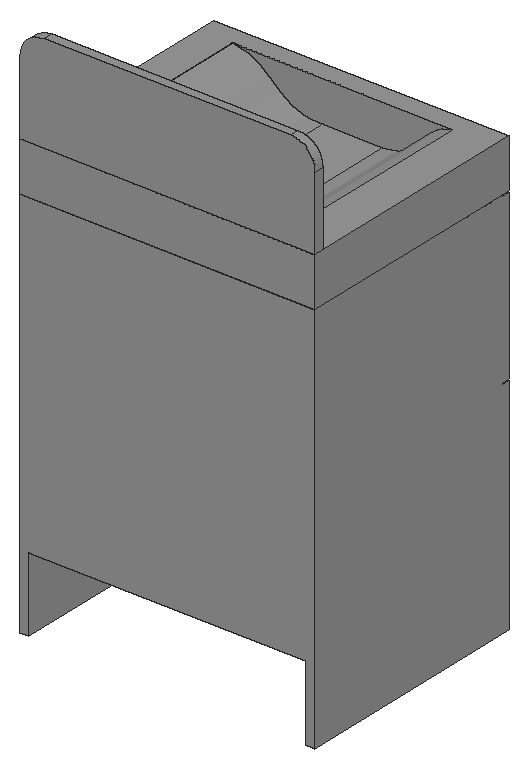
Revit family "Single Sink Vanity 24 in_Wall Hung", category Casework, host Wall, Revit 2025
Family settings
  Host = Wall
  OmniClass Number = 23.40.35.00
  OmniClass Title = Casework
  Always vertical = Yes
  Cut with Voids When Loaded = No
  Shared = No
  Room Calculation Point = No
Parameters (values of type "Single Sink Vanity 794mm_Wall Hung")
  Width = 2' - 0.0389"
  Mirror Height = 0' - 4.06299"
  Length = 3' - 6"
  Height = 3' - 0"
  Depth = 1' - 7.68504"
  Default Elevation = 0' - 0"
  Countertop Thickness = 0' - 4"
  Cabinet Mullions = 0' - 0 3/4"
  Backsplash Height = 0' - 8.00028"
Types (2): name | Height | Countertop Thickness
  Single Sink Vanity 794mm_Wall Hung | 3' - 0" | 0' - 4"
  Single Sink Vanity 24"_Wall Hung | 2' - 9.46457" | 0' - 5.90597"
Reference planes (in)
  plane 1: y = 0
  plane 2 "Center (Left/Right)": x = 0
  plane 3 "Left": x = -2.50394
  plane 4 "Right": x = 39.49606
  plane 5 "Front": y = 22.68504
  plane 6 "Back": y = 3
  plane 7 "Top": z = 36
Forms (in)
  Extrusion 1, solid, material "Solid Surface Countertop"
    sketch origin (4.26772, 0, 2.53543) x (1, 0, 0) y (0, 1, 0)
      loop
        line (-11.51181, 22.68504) -> (-11.51181, 3) -> (12.52709, 3) -> (12.52709, 22.68504) -> (-11.51181, 22.68504)
    from 29.46457 to 33.46457
  Extrusion 2, solid, material "Ash"
    sketch origin (-0.09375, 0, 0) x (1, 0, 0) y (0, 1, 0)
      loop
        line (-7.15034, 3) -> (16.88856, 3) -> (16.88856, 22.68504) -> (-7.15034, 22.68504) -> (-7.15034, 3)
    from 0 to 32
  Extrusion 3, void
    sketch origin (2.51378, 22.68504, 2.53543) x (-1, 0, 0) y (0, 0, -1)
      loop
        line (-11.02119, -33.46457) -> (-11.21668, -34.57326) -> (6.97881, -34.57326) -> (6.97881, -33.42613)
        spline (6.97881, -33.42613) -> (6.2379, -33.31965) -> (5.59373, -33.09991) -> (5.0243, -32.79155) -> (4.50762, -32.41917) -> (4.0217, -32.00739) -> (3.54453, -31.58083) -> (3.05413, -31.1641) -> (2.5285, -30.78183) -> (1.94565, -30.45862) -> (1.28358, -30.21909) -> (0.52029, -30.08787) -> (-0.3662, -30.08957)
        line (-0.3662, -30.08957) -> (-5.17552, -30.08957)
        spline (-5.17552, -30.08957) -> (-5.91389, -30.16014) -> (-6.53886, -30.3314) -> (-7.07076, -30.58463) -> (-7.52988, -30.90112) -> (-7.93656, -31.26214) -> (-8.31111, -31.649) -> (-8.67383, -32.04297) -> (-9.04505, -32.42534) -> (-9.44508, -32.7774) -> (-9.89424, -33.08044) -> (-10.41283, -33.31573) -> (-11.02119, -33.46457)
    from 1.48177 to 15.74504
  Extrusion 4, solid, material "Solid Surface Countertop"
    sketch origin (-7.24409, 3, 36.00028) x (0, 0, 1) y (1, 0, 0)
      loop
        line (0, 24.0389) -> (0, 0) -> (6, 0)
        arc (6, 0) -> (7.41421, 0.58579) -> (8, 2) r 2
        line (8, 2) -> (8, 22.0389)
        arc (8, 22.0389) -> (7.41421, 23.45312) -> (6, 24.0389) r 2
        line (6, 24.0389) -> (0, 24.0389)
    from 0 to 0.75
  Extrusion 5, void
    sketch origin (39.40231, 22.68504, 0) x (1, 0, 0) y (0, 0, 1)
      loop
        line (-23.3575, 31) -> (-45.89641, 31) -> (-45.89641, 19.0293) -> (-23.3575, 19.0293) -> (-23.3575, 31)
    from 0 to 0.5
  Extrusion 6, void
    sketch origin (39.40231, 22.68504, 0) x (1, 0, 0) y (0, 0, 1)
      loop
        line (-23.3575, 0) -> (-23.3575, 6.09403) -> (-45.89641, 6.09403) -> (-45.89641, 0) -> (-23.3575, 0)
    from 0 to 24
  Extrusion 7, void
    sketch origin (39.40231, 22.68504, 0) x (1, 0, 0) y (0, 0, 1)
      loop
        line (-22.6075, 18.1582) -> (-22.6075, 18.2832) -> (-46.64641, 18.2832) -> (-46.64641, 18.1582) -> (-22.6075, 18.1582)
      loop
        line (-22.6075, 31.875) -> (-22.6075, 32) -> (-46.64641, 32) -> (-46.64641, 31.875) -> (-22.6075, 31.875)
    from 0 to 0.75
  Extrusion 8, void
    sketch origin (39.40231, 22.68504, 0) x (1, 0, 0) y (0, 0, 1)
      loop
        line (-23.3575, 7.1582) -> (-23.3575, 17.35385) -> (-45.89641, 17.35385) -> (-45.89641, 7.1582) -> (-23.3575, 7.1582)
    from 0 to 15.74504
Cuts and joins
  Extrusion 3 cuts Extrusion 1
  Extrusion 5, Extrusion 6, Extrusion 7, Extrusion 8 cuts Extrusion 2
Lines and regions (in)
  reference lines
    curve 1: line (28.75591, 3, 36.00028) -> (28.75591, 3, 80.00028)
    curve 2: line (-7.24409, 3, 36.00028) -> (-7.24409, 3, 79.00028)
    curve 3: line (24.74606, 36.93504, 0) -> (24.74606, -6.31496, 0)
    curve 4: line (16.79481, 3, 36.00028) -> (16.79481, 3, 79.00028)
    curve 5: line (22.79481, 22.68504, 44.00028) -> (-38.20519, 22.68504, 44.00028)
    curve 6: line (21.50591, 22.68504, 32) -> (-11.49409, 22.68504, 32)
Text (in)
  text "Placement Side" at (0, 40.15149, 123.01588), in view "Right"
  text "Placement Side" at (-65.09404, 56.76262, 0), in view "Ref. Level"
  text "Placement Side" at (0, 47.49176, 112.82392), in view "Left"
Dimensions and locks (in)
  locked: host wall to plane 6 "Back"
  "Depth": plane 6 "Back" to plane 5 "Front"
  plane 3 "Left" to plane 2 "Center (Left/Right)" to plane 4 "Right" = 0' - 2.50394", 3' - 3.49606"
  "Length": plane 3 "Left" to plane 4 "Right"
  "Height": plane 7 "Top" to level
  "Height": level to plane 7 "Top"
  Extrusion 3 sketch curve to Extrusion 3 sketch curve = 1' - 6.00004"
  cut or joined group of Extrusion 1, Extrusion 3 to cut or joined group of Extrusion 1, Extrusion 3 = 2' - 0.0389"
  "Backsplash Height": plane 7 "Top" to curve 5
  "Countertop Thickness": curve 6 to plane 7 "Top"
  "Width": curve 2 to curve 4
  locked: cut or joined group of Extrusion 1, Extrusion 3 to Extrusion 3 sketch curve at 0.625
  aligned and locked: plane 7 "Top" to Extrusion 1
  aligned and locked: Extrusion 1 to curve 2
  aligned and locked: Extrusion 4 to Extrusion 1
  aligned and locked: Extrusion 4 to cut or joined group of Extrusion 1, Extrusion 3
  aligned and locked: Extrusion 4 to curve 5
  aligned and locked: Extrusion 4 to curve 2
  aligned and locked: Extrusion 2 to cut or joined group of Extrusion 1, Extrusion 3
  aligned and locked: curve 6 to Extrusion 1
Automatic sketch dimensions
  host wall to curve 3 = 0' - 3.31496"
  plane 4 "Right" to curve 3 = 1' - 2 3/4"
  curve 3 to plane 5 "Front" = 1' - 2 1/4"
  plane 4 "Right" to curve 1 = 0' - 10.74016"
  plane 7 "Top" to curve 4 = 0' - 0.00028"
  plane 3 "Left" to curve 2 = 0' - 4.74016"
  plane 7 "Top" to curve 2 = 0' - 0.00028"
  plane 7 "Top" to curve 1 = 0' - 0.00028"
  curve 2 to curve 2 = 3' - 7"
  curve 4 to curve 2 = 0' - 0"
  curve 4 to curve 1 = 0' - 1"
  Extrusion 1 sketch curve to host wall = 0' - 0"
  plane 5 "Front" to Extrusion 1 sketch curve = 0' - 0"
  plane 3 "Left" to Extrusion 1 sketch curve = 0' - 4.74016"
  plane 2 "Center (Left/Right)" to Extrusion 1 sketch curve = 1' - 4.79481"
  plane 5 "Front" to Extrusion 2 sketch curve = 0' - 0"
  Extrusion 2 sketch curve to host wall = 0' - 0"
  plane 3 "Left" to Extrusion 2 sketch curve = 0' - 4.74016"
  plane 2 "Center (Left/Right)" to Extrusion 2 sketch curve = 1' - 4.79481"
  Extrusion 4 sketch curve to curve 2 = 0' - 0"  (x2)
  curve 2 to Extrusion 4 sketch curve = 2' - 0.0389"
  curve 2 to Extrusion 4 sketch curve = 0' - 6"  (x2)
  Extrusion 4 sketch curve to Extrusion 4 sketch curve = 0' - 2"
  Extrusion 6 sketch curve to Extrusion 2 = 0' - 0"
  Extrusion 2 to Extrusion 6 sketch curve = 0' - 0 3/4"
  Extrusion 6 sketch curve to Extrusion 2 = 0' - 0 3/4"
  Extrusion 6 sketch curve to Extrusion 2 = 0' - 6.09403"
  Extrusion 7 sketch curve to Extrusion 2 = 0' - 0"  (x5)
  Extrusion 7 sketch curve to Extrusion 2 = 0' - 0 1/8"
  Extrusion 7 sketch curve to Extrusion 7 sketch curve = 1' - 1.5918"
  Extrusion 7 sketch curve to Extrusion 7 sketch curve = 0' - 0 1/8"
  Extrusion 2 to Extrusion 5 sketch curve = 0' - 0 3/4"
  Extrusion 5 sketch curve to Extrusion 2 = 0' - 0 3/4"
  Extrusion 5 sketch curve to Extrusion 2 = 0' - 1"
  Extrusion 3 sketch curve to Extrusion 1 = 0' - 0"
  Extrusion 1 to Extrusion 3 sketch curve = 0' - 1.10869"
  Extrusion 1 to Extrusion 3 sketch curve = 0' - 3.06435"
  Extrusion 3 sketch curve to Extrusion 3 sketch curve = 0' - 0.19549"
  Extrusion 3 sketch curve to Extrusion 3 sketch curve = 0' - 5.84567"
  Extrusion 3 sketch curve to Extrusion 3 sketch curve = 1' - 0.15433"
  Extrusion 3 sketch curve to Extrusion 3 sketch curve = 0' - 4.80932"
  plane 3 "Left" to curve 5 = 2' - 11.70125"
  plane 3 "Left" to curve 6 = 0' - 8.99016"
  plane 4 "Right" to curve 6 = 1' - 5.99016"
  curve 6 to curve 5 = 0' - 1.2889"
  Extrusion 5 sketch curve to Extrusion 5 sketch curve = 0' - 11.9707"
  Extrusion 2 to Extrusion 8 sketch curve = 0' - 0 3/4"
  Extrusion 8 sketch curve to Extrusion 2 = 0' - 0 3/4"
  Extrusion 8 sketch curve to Extrusion 2 = 0' - 7.1582"
  Extrusion 8 sketch curve to Extrusion 8 sketch curve = 0' - 10.19565"
